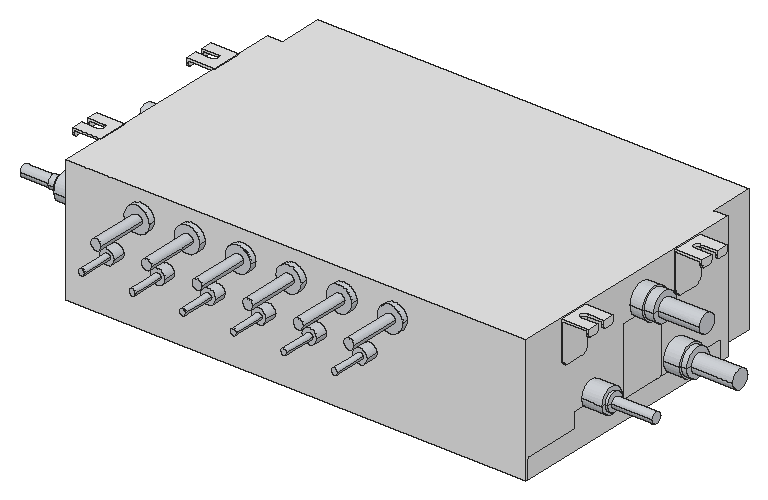
Revit family "EU_MCU_6PORT", category 기계 장비, Revit 2014
Parameters (values of type "6 PORT MODE CHANGE UNIT, 220-240V")
  Voltage [instance] = "220~240 V"
  URL = "www.samsung.com"
  Transmission Cable Min [instance] = 0.75 mm²
  Transmission Cable Max [instance] = 1.50 mm²
  Sound Pressure(Stable cooling Operation) [instance] = "36.00 dB(A)"
  Sound Pressure(Heating to Cooling Change over) [instance] = "50.00 dB(A)"
  Refrigerant Type [instance] = "R410A"
  Refrigerant Charge [instance] = 0.5 kg
  Product Name [instance] = "MODE CHANGE UNIT"
  Power Supply [instance] = 50 Hz
  Power Source Wire [instance] = 2.50 mm²
  Power Input Heating [instance] = 55 W
  Power Input Cooling [instance] = 55 W
  Phase [instance] = 1
  Outdoor Unit Refrigerant Suction Gas Connection Radius [instance] = if(1 = 1, Outdoor Unit Refrigerant Suction Gas Connection Diameter / 2, 0.00 mm)  # 14.29 mm
  Outdoor Unit Refrigerant Suction Gas Connection Offset Bottom [instance] = 50.651 mm
  Outdoor Unit Refrigerant Suction Gas Connection Offset Left [instance] = 294.769 mm
  Outdoor Unit Refrigerant Suction Gas Connection Diameter [instance] = 28.58 mm
  Outdoor Unit Refrigerant Liquid Connection Radius [instance] = if(1 = 1, Outdoor Unit Refrigerant Liquid Connection Diameter / 2, 0.00 mm)  # 7.94 mm
  Outdoor Unit Refrigerant Liquid Connection Offset Left [instance] = 128.684 mm
  Outdoor Unit Refrigerant Liquid Connection Offset Bottom [instance] = 68.524 mm
  Outdoor Unit Refrigerant Liquid Connection Diameter [instance] = 15.88 mm
  Outdoor Unit Refrigerant High Pressure Gas Connection Radius [instance] = if(1 = 1, Outdoor Unit Refrigerant High Pressure Gas Connection Diameter / 2, 0.00 mm)  # 14.29 mm
  Outdoor Unit Refrigerant High Pressure Gas Connection Offset Left [instance] = 228.769 mm
  Outdoor Unit Refrigerant High Pressure Gas Connection Offset Bottom [instance] = 158.712 mm
  Outdoor Unit Refrigerant High Pressure Gas Connection Diameter [instance] = 28.58 mm
  Operating Mode [instance] = "HEAT RECOVERY"
  Number of branches [instance] = "6 EA"
  Net Dimensions Width [instance] = 728.00 mm
  Net Dimensions Height [instance] = 199.00 mm
  Net Dimensions Depth [instance] = 469.00 mm
  built-in parameter 1010109 = ""
  Net  Weight [instance] = 28.5 kg
  Model [instance] = "MCU-S6NEK2N"
  Minimum Circuit Ampere(MCA) [instance] = 2 A
  Maximum number of connectable indoor units [instance] = "32 EA"
  Maximum number of connectable indoor unit per branch [instance] = "8 EA"
  Maximum capacity of connectable indoor units per branch(Y-Joint) [instance] = 32.00 kW
  Maximum capacity of connectable indoor units per branch [instance] = 16.00 kW
  Maximum capacity of connectable indoor units [instance] = 61.60 kW
  built-in parameter 1010108 = ""
  Maximum Over Protection(MFA) [instance] = 15 A
  Manufacturer [instance] = "SAMSUNG"
  Indoor Unit-6 Refrigerant Suction Gas Connection Radius [instance] = if(1 = 1, [Indoor Unit-6 Refrigerant Suction Gas Connection Diameter] / 2, 0.00 mm)  # 7.94 mm
  Indoor Unit-6 Refrigerant Suction Gas Connection Offset Left [instance] = 119.468 mm
  Indoor Unit-6 Refrigerant Suction Gas Connection Offset Bottom [instance] = [Indoor Unit-1 Refrigerant Suction Gas Connection Offset Bottom]  # 160.048 mm
  Indoor Unit-6 Refrigerant Suction Gas Connection Diameter [instance] = 15.88 mm
  Indoor Unit-6 Refrigerant Liquid Connection Radius [instance] = if(1 = 1, [Indoor Unit-6 Refrigerant Liquid Connection Diameter] / 2, 0.00 mm)  # 4.76 mm
  Indoor Unit-6 Refrigerant Liquid Connection Offset Left [instance] = 79.513 mm
  Indoor Unit-6 Refrigerant Liquid Connection Offset Bottom [instance] = [Indoor Unit-1 Refrigerant Liquid Connection Offset Bottom]  # 97.24 mm
  Indoor Unit-6 Refrigerant Liquid Connection Diameter [instance] = 9.52 mm
  Indoor Unit-5 Refrigerant Suction Gas Connection Radius [instance] = if(1 = 1, [Indoor Unit-5 Refrigerant Suction Gas Connection Diameter] / 2, 0.00 mm)  # 7.94 mm
  Indoor Unit-5 Refrigerant Suction Gas Connection Offset Left [instance] = 199.585 mm
  Indoor Unit-5 Refrigerant Suction Gas Connection Offset Bottom [instance] = [Indoor Unit-1 Refrigerant Suction Gas Connection Offset Bottom]  # 160.048 mm
  Indoor Unit-5 Refrigerant Suction Gas Connection Diameter [instance] = 15.88 mm
  Indoor Unit-5 Refrigerant Liquid Connection Radius [instance] = if(1 = 1, [Indoor Unit-5 Refrigerant Liquid Connection Diameter] / 2, 0.00 mm)  # 4.76 mm
  Indoor Unit-5 Refrigerant Liquid Connection Offset Left [instance] = 159.63 mm
  Indoor Unit-5 Refrigerant Liquid Connection Offset Bottom [instance] = [Indoor Unit-1 Refrigerant Liquid Connection Offset Bottom]  # 97.24 mm
  Indoor Unit-5 Refrigerant Liquid Connection Diameter [instance] = 9.52 mm
  Indoor Unit-4 Refrigerant Suction Gas Connection Radius [instance] = if(1 = 1, [Indoor Unit-4 Refrigerant Suction Gas Connection Diameter] / 2, 0.00 mm)  # 7.94 mm
  Indoor Unit-4 Refrigerant Suction Gas Connection Offset Left [instance] = 279.701 mm
  Indoor Unit-4 Refrigerant Suction Gas Connection Offset Bottom [instance] = [Indoor Unit-1 Refrigerant Suction Gas Connection Offset Bottom]  # 160.048 mm
  Indoor Unit-4 Refrigerant Suction Gas Connection Diameter [instance] = 15.88 mm
  Indoor Unit-4 Refrigerant Liquid Connection Radius [instance] = if(1 = 1, [Indoor Unit-4 Refrigerant Liquid Connection Diameter] / 2, 0.00 mm)  # 4.76 mm
  Indoor Unit-4 Refrigerant Liquid Connection Offset Left [instance] = 239.746 mm
  Indoor Unit-4 Refrigerant Liquid Connection Offset Bottom [instance] = [Indoor Unit-1 Refrigerant Liquid Connection Offset Bottom]  # 97.24 mm
  Indoor Unit-4 Refrigerant Liquid Connection Diameter [instance] = 9.52 mm
  Indoor Unit-3 Refrigerant Suction Gas Connection Radius [instance] = if(1 = 1, [Indoor Unit-3 Refrigerant Suction Gas Connection Diameter] / 2, 0.00 mm)  # 7.94 mm
  Indoor Unit-3 Refrigerant Suction Gas Connection Offset Left [instance] = 359.816 mm
  Indoor Unit-3 Refrigerant Suction Gas Connection Offset Bottom [instance] = [Indoor Unit-1 Refrigerant Suction Gas Connection Offset Bottom]  # 160.048 mm
  Indoor Unit-3 Refrigerant Suction Gas Connection Diameter [instance] = 15.88 mm
  Indoor Unit-3 Refrigerant Liquid Connection Radius [instance] = if(1 = 1, [Indoor Unit-3 Refrigerant Liquid Connection Diameter] / 2, 0.00 mm)  # 4.76 mm
  Indoor Unit-3 Refrigerant Liquid Connection Offset Left [instance] = 319.863 mm
  Indoor Unit-3 Refrigerant Liquid Connection Offset Bottom [instance] = [Indoor Unit-1 Refrigerant Liquid Connection Offset Bottom]  # 97.24 mm
  Indoor Unit-3 Refrigerant Liquid Connection Diameter [instance] = 9.52 mm
  Indoor Unit-2 Refrigerant Suction Gas Connection Radius [instance] = if(1 = 1, [Indoor Unit-2 Refrigerant Suction Gas Connection Diameter] / 2, 0.00 mm)  # 7.94 mm
  Indoor Unit-2 Refrigerant Suction Gas Connection Offset Left [instance] = 439.932 mm
  Indoor Unit-2 Refrigerant Suction Gas Connection Offset Bottom [instance] = [Indoor Unit-1 Refrigerant Suction Gas Connection Offset Bottom]  # 160.048 mm
  Indoor Unit-2 Refrigerant Suction Gas Connection Diameter [instance] = 15.88 mm
  Indoor Unit-2 Refrigerant Liquid Connection Radius [instance] = if(1 = 1, [Indoor Unit-2 Refrigerant Liquid Connection Diameter] / 2, 0.00 mm)  # 4.76 mm
  Indoor Unit-2 Refrigerant Liquid Connection Offset Left [instance] = 399.958 mm
  Indoor Unit-2 Refrigerant Liquid Connection Offset Bottom [instance] = [Indoor Unit-1 Refrigerant Liquid Connection Offset Bottom]  # 97.24 mm
  Indoor Unit-2 Refrigerant Liquid Connection Diameter [instance] = 9.52 mm
  Indoor Unit-1 Refrigerant Suction Gas Connection Radius [instance] = if(1 = 1, [Indoor Unit-1 Refrigerant Suction Gas Connection Diameter] / 2, 0.00 mm)  # 7.94 mm
  Indoor Unit-1 Refrigerant Suction Gas Connection Offset Left [instance] = 520.049 mm
  Indoor Unit-1 Refrigerant Suction Gas Connection Offset Bottom [instance] = 160.048 mm
  Indoor Unit-1 Refrigerant Suction Gas Connection Diameter [instance] = 15.88 mm
  Indoor Unit-1 Refrigerant Liquid Connection Radius [instance] = if(1 = 1, [Indoor Unit-1 Refrigerant Liquid Connection Diameter] / 2, 0.00 mm)  # 4.76 mm
  Indoor Unit-1 Refrigerant Liquid Connection Offset Left [instance] = 480.058 mm
  Indoor Unit-1 Refrigerant Liquid Connection Offset Bottom [instance] = 97.24 mm
  Indoor Unit-1 Refrigerant Liquid Connection Diameter [instance] = 9.52 mm
  Heating Operation Limit Min [instance] = -25 °C
  Heating Operation Limit Max [instance] = 24 °C
  Current Input Heating [instance] = 0.3 A
  Current Input Cooling [instance] = 0.3 A
  Cooling Operation Limit Min [instance] = -15 °C
  Cooling Operation Limit Max [instance] = 48 °C
  -15 ℃ Operation(2Port) [instance] = "Below 5~16 kW"
  -15 ℃ Operation(1Port) [instance] = "Below 5 kW"
Reference planes
  plane 1 "Center (Front/Back)": y = 0
  plane 2 "base": z = 0
  plane 3 "Center (Left/Right)": x = 0
  plane 4: x = -364
  plane 5: x = 364
  plane 6: y = 234.5
  plane 7: y = -234.5
  plane 8: z = 199
  plane 9 "PIPE0": z = 68.524
  plane 10: y = -105.816
  plane 11: y = -5.731
  plane 12 "HGAS0": z = 158.712
  plane 13: y = 60.269
  plane 14 "GAS0": z = 50.651
  plane 15 "GAS16": z = 160.048
  plane 16 "PIPE16": z = 97.24
  plane 17: x = -284.487
  plane 18: x = -244.532
  plane 19: x = -164.415
  plane 20: x = -84.299
  plane 21: x = -4.184
  plane 22: x = 75.932
  plane 23: x = 156.049
  plane 24: x = -204.37
  plane 25: x = -124.254
  plane 26: x = -44.137
  plane 27: x = 35.958
  plane 28: x = 116.058
Forms (mm)
  Extrusion 1, solid, material "Body"
    sketch origin (0, 0, 0) x (1, 0, 0) y (0, 1, 0)
      loop
        line (-340.917, 234.5) -> (-340.917, 165.251) -> (-364.048, 165.251) -> (-364.048, -234.5) -> (364, -234.5) -> (364, 165.251) -> (340.92, 165.251) -> (340.92, 234.5) -> (-340.917, 234.5)
    from 0 to 199
  Extrusion 2, solid, material "Body"
    sketch origin (0, 0, 0) x (0, 1, 0) y (0, 0, 1)
      loop
        line (-231.497, 0) -> (148.387, 0) -> (148.387, 28.036)
        arc (148.387, 28.036) -> (147.508, 30.16) -> (145.384, 31.04) r 3.003
        line (145.384, 31.04) -> (-71.993, 31.04) -> (-71.993, 56.071) -> (-138.678, 56.071) -> (-138.678, 31.04) -> (-228.493, 31.04)
        arc (-228.493, 31.04) -> (-230.617, 30.16) -> (-231.497, 28.036) r 3.003
        line (-231.497, 28.036) -> (-231.497, 0)
      loop
        line (-42.557, 138.391) -> (-42.557, 36.36)
        arc (-42.557, 36.36) -> (-41.09, 32.818) -> (-37.548, 31.351) r 5.009
        line (-37.548, 31.351) -> (26.128, 31.351)
        arc (26.128, 31.351) -> (29.67, 32.818) -> (31.137, 36.36) r 5.009
        line (31.137, 36.36) -> (31.137, 138.391) -> (-42.557, 138.391)
    from 364 to 365
  Revolve 3, solid
    sketch origin (0, 0, 50.651) x (0, -1, 0) y (1, 0, 0)
      loop
        line (-60.269, 400.596) -> (-60.269, 364) -> (-36.286, 364) -> (-36.286, 391.041) -> (-38.294, 391.041) -> (-38.294, 400.596) -> (-60.269, 400.596)
      axis (-60.269, 364) -> (-60.269, 400.596)
    angle from 0 to 360
  Revolve 4, solid
    sketch origin (0, 0, 158.712) x (0, -1, 0) y (1, 0, 0)
      loop
        line (5.731, 401.215) -> (5.731, 364) -> (29.845, 364) -> (29.845, 385.528) -> (27.859, 385.528) -> (27.859, 401.215) -> (5.731, 401.215)
      axis (5.731, 364) -> (5.731, 401.215)
    angle from 0 to 360
  Revolve 5, solid
    sketch origin (0, 0, 68.524) x (0, -1, 0) y (1, 0, 0)
      loop
        line (105.816, 364) -> (105.816, 402.273) -> (91.544, 402.273) -> (91.544, 397.255) -> (86.526, 397.255) -> (86.526, 364) -> (105.816, 364)
      axis (105.816, 364) -> (105.816, 402.273)
    angle from 0 to 360
  Extrusion 6, solid
    sketch origin (0, 0, 0) x (0, 1, 0) y (0, 0, 1)
      loop
        circle (-105.816, 68.524) r 7.94
    from 402.273 to 467.506
  Extrusion 7, solid
    sketch origin (0, 0, 0) x (0, 1, 0) y (0, 0, 1)
      loop
        circle (-5.731, 158.712) r 14.29
    from 401.215 to 467.506
  Extrusion 8, solid
    sketch origin (0, 0, 0) x (0, 1, 0) y (0, 0, 1)
      loop
        circle (60.269, 50.651) r 14.29
    from 400.596 to 467.506
  Extrusion 9, solid
    sketch origin (0, 0, 0) x (1, 0, 0) y (0, 0, 1)
      loop
        circle (-244.532, 160.048) r 20
    from 234.5 to 243.607
  Extrusion 10, solid
    sketch origin (80.117, 0, 0) x (1, 0, 0) y (0, 0, 1)
      loop
        circle (-244.532, 160.048) r 20
    from 234.5 to 243.607
  Extrusion 11, solid
    sketch origin (160.233, 0, 0) x (1, 0, 0) y (0, 0, 1)
      loop
        circle (-244.532, 160.048) r 20
    from 234.5 to 243.607
  Extrusion 12, solid
    sketch origin (240.348, 0, 0) x (1, 0, 0) y (0, 0, 1)
      loop
        circle (-244.532, 160.048) r 20
    from 234.5 to 243.607
  Extrusion 13, solid
    sketch origin (320.464, 0, 0) x (1, 0, 0) y (0, 0, 1)
      loop
        circle (-244.532, 160.048) r 20
    from 234.5 to 243.607
  Extrusion 14, solid
    sketch origin (400.581, 0, 0) x (1, 0, 0) y (0, 0, 1)
      loop
        circle (-244.532, 160.048) r 20
    from 234.5 to 243.607
  Extrusion 15, solid
    sketch origin (0, 0, 0) x (1, 0, 0) y (0, 0, 1)
      loop
        circle (-284.487, 97.24) r 11.578
    from 234.5 to 252.666
  Extrusion 16, solid
    sketch origin (80.117, 0, 0) x (1, 0, 0) y (0, 0, 1)
      loop
        circle (-284.487, 97.24) r 11.578
    from 234.5 to 252.666
  Extrusion 17, solid
    sketch origin (160.233, 0, 0) x (1, 0, 0) y (0, 0, 1)
      loop
        circle (-284.487, 97.24) r 11.578
    from 234.5 to 252.666
  Extrusion 18, solid
    sketch origin (240.35, 0, 0) x (1, 0, 0) y (0, 0, 1)
      loop
        circle (-284.487, 97.24) r 11.578
    from 234.5 to 252.666
  Extrusion 19, solid
    sketch origin (320.445, 0, 0) x (1, 0, 0) y (0, 0, 1)
      loop
        circle (-284.487, 97.24) r 11.578
    from 234.5 to 252.666
  Extrusion 20, solid
    sketch origin (400.545, 0, 0) x (1, 0, 0) y (0, 0, 1)
      loop
        circle (-284.487, 97.24) r 11.578
    from 234.5 to 252.666
  Extrusion 21, solid
    sketch origin (0, 0, 0) x (1, 0, 0) y (0, 0, 1)
      loop
        circle (-284.487, 97.24) r 4.76
      loop
        circle (-204.37, 97.24) r 4.76
      loop
        circle (-124.254, 97.24) r 4.76
      loop
        circle (-44.137, 97.24) r 4.76
      loop
        circle (35.958, 97.24) r 4.76
      loop
        circle (116.058, 97.24) r 4.76
    from 252.666 to 302.867
  Extrusion 22, solid
    sketch origin (0, 0, 0) x (1, 0, 0) y (0, 0, 1)
      loop
        circle (-244.532, 160.048) r 7.94
      loop
        circle (-164.415, 160.048) r 7.94
      loop
        circle (-84.299, 160.048) r 7.94
      loop
        circle (-4.184, 160.048) r 7.94
      loop
        circle (75.932, 160.048) r 7.94
      loop
        circle (156.049, 160.048) r 7.94
    from 243.607 to 324.292
  Revolve 23, solid
    sketch origin (0, 0, 97.24) x (-1, 0, 0) y (0, -1, 0)
      loop
        line (400.263, -44.793) -> (400.263, -37.324) -> (391.648, -37.324) -> (391.648, -36.241) -> (364, -36.241) -> (364, -60.269) -> (471.974, -60.269) -> (471.974, -44.793) -> (400.263, -44.793)
      axis (471.974, -60.269) -> (364, -60.269)
    angle from 0 to 360
  Revolve 24, solid
    sketch origin (0, 0, 50.651) x (0, -1, 0) y (1, 0, 0)
      loop
        line (5.731, -471.952) -> (21.578, -471.952) -> (21.578, -400.263) -> (29.867, -400.263) -> (29.867, -364) -> (5.731, -364) -> (5.731, -471.952)
      axis (5.731, -471.952) -> (5.731, -364)
    angle from 0 to 360
  Revolve 25, solid
    sketch origin (0, 0, 68.524) x (0, -1, 0) y (1, 0, 0)
      loop
        line (105.816, -532.396) -> (114.586, -532.396) -> (114.586, -487.233) -> (115.701, -487.233) -> (115.701, -474.186) -> (121.672, -474.186) -> (121.672, -469.171) -> (126.69, -469.171) -> (126.69, -364.048) -> (105.816, -364.048) -> (105.816, -532.396)
      axis (105.816, -532.396) -> (105.816, -364.048)
    angle from 0 to 360
Lines and regions (mm)
  model lines, not visible
    curve 1: arc (195.594, -165, 1319.842) -> (200.975, -165, 1322.29) -> (206.401, -165, 1324.635) r 309.246
    curve 2: arc (187.783, -165, 1316.133) -> (191.645, -165, 1318.08) -> (195.594, -165, 1319.842) r 91.892
    curve 3: arc (183.29, -165, 1313.637) -> (185.513, -165, 1314.928) -> (187.783, -165, 1316.133) r 67.043
    curve 4: arc (180.377, -165, 1311.624) -> (181.826, -165, 1312.641) -> (183.29, -165, 1313.637) r 121.609
    curve 5: arc (177.43, -165, 1309.404) -> (178.883, -165, 1310.542) -> (180.377, -165, 1311.624) r 48.689
    curve 6: arc (174.608, -165, 1307.049) -> (175.983, -165, 1308.27) -> (177.43, -165, 1309.404) r 29.649
    curve 7: arc (172.38, -165, 1304.752) -> (173.454, -165, 1305.939) -> (174.608, -165, 1307.049) r 22.979
    curve 8: arc (170.712, -165, 1302.508) -> (171.5, -165, 1303.664) -> (172.38, -165, 1304.752) r 17.124
    curve 9: arc (169.537, -165, 1300.289) -> (170.066, -165, 1301.43) -> (170.712, -165, 1302.508) r 11.876
    curve 10: arc (168.855, -165, 1298.11) -> (169.127, -165, 1299.221) -> (169.537, -165, 1300.289) r 9.086
    curve 11: arc (168.724, -165, 1295.997) -> (168.722, -165, 1297.058) -> (168.855, -165, 1298.11) r 8.267
    curve 12: arc (169.118, -165, 1293.959) -> (168.862, -165, 1294.967) -> (168.724, -165, 1295.997) r 8.908
    curve 13: arc (170.049, -165, 1292.008) -> (169.536, -165, 1292.961) -> (169.118, -165, 1293.959) r 11.032
    curve 14: arc (171.482, -165, 1290.151) -> (170.729, -165, 1291.052) -> (170.049, -165, 1292.008) r 15.106
    curve 15: arc (173.425, -165, 1288.401) -> (172.427, -165, 1289.247) -> (171.482, -165, 1290.151) r 21.501
    curve 16: arc (175.833, -165, 1286.762) -> (174.609, -165, 1287.553) -> (173.425, -165, 1288.401) r 30.601
    curve 17: arc (178.7, -165, 1285.244) -> (177.252, -165, 1285.976) -> (175.833, -165, 1286.762) r 42.727
    curve 18: arc (181.975, -165, 1283.846) -> (180.327, -165, 1284.52) -> (178.7, -165, 1285.244) r 57.776
    curve 19: arc (185.642, -165, 1282.578) -> (183.801, -165, 1283.189) -> (181.975, -165, 1283.846) r 76.022
    curve 20: arc (189.65, -165, 1281.435) -> (187.64, -165, 1281.985) -> (185.642, -165, 1282.578) r 97.926
    curve 21: arc (193.978, -165, 1280.422) -> (191.81, -165, 1280.909) -> (189.65, -165, 1281.435) r 124.368
    curve 22: arc (198.563, -165, 1279.532) -> (196.267, -165, 1279.959) -> (193.978, -165, 1280.422) r 146.449
    curve 23: arc (203.387, -165, 1278.768) -> (200.972, -165, 1279.133) -> (198.563, -165, 1279.532) r 171.678
    curve 24: arc (208.517, -165, 1278.111) -> (205.95, -165, 1278.423) -> (203.387, -165, 1278.768) r 205.135
    curve 25: arc (214.051, -165, 1277.556) -> (211.282, -165, 1277.817) -> (208.517, -165, 1278.111) r 233.448
    curve 26: arc (219.975, -165, 1277.105) -> (217.012, -165, 1277.314) -> (214.051, -165, 1277.556) r 268.023
    curve 27: arc (226.291, -165, 1276.774) -> (223.132, -165, 1276.923) -> (219.975, -165, 1277.105) r 304.233
    curve 28: arc (232.968, -165, 1276.566) -> (229.629, -165, 1276.654) -> (226.291, -165, 1276.774) r 343.121
    curve 29: arc (240, -165, 1276.492) -> (236.484, -165, 1276.513) -> (232.968, -165, 1276.566) r 378.704
    curve 30: arc (247.347, -165, 1276.551) -> (243.674, -165, 1276.505) -> (240, -165, 1276.492) r 416.052
    curve 31: arc (254.991, -165, 1276.756) -> (251.17, -165, 1276.637) -> (247.347, -165, 1276.551) r 449.8
    curve 32: arc (262.884, -165, 1277.101) -> (258.939, -165, 1276.912) -> (254.991, -165, 1276.756) r 482.662
    curve 33: arc (270.997, -165, 1277.596) -> (266.942, -165, 1277.332) -> (262.884, -165, 1277.101) r 510.257
    curve 34: arc (279.276, -165, 1278.232) -> (275.138, -165, 1277.898) -> (270.997, -165, 1277.596) r 534.514
    curve 35: arc (287.683, -165, 1279.015) -> (283.481, -165, 1278.608) -> (279.276, -165, 1278.232) r 553.014
    curve 36: arc (296.163, -165, 1279.935) -> (291.925, -165, 1279.459) -> (287.683, -165, 1279.015) r 565.829
    curve 37: arc (304.67, -165, 1280.992) -> (300.418, -165, 1280.448) -> (296.163, -165, 1279.935) r 573.124
    curve 38: arc (313.153, -165, 1282.173) -> (308.914, -165, 1281.567) -> (304.67, -165, 1280.992) r 572.829
    curve 39: arc (321.562, -165, 1283.476) -> (317.36, -165, 1282.809) -> (313.153, -165, 1282.173) r 567.911
    curve 40: arc (329.854, -165, 1284.886) -> (325.711, -165, 1284.166) -> (321.562, -165, 1283.476) r 555.278
    curve 41: arc (337.977, -165, 1286.397) -> (333.918, -165, 1285.626) -> (329.854, -165, 1284.886) r 540.479
    curve 42: arc (345.899, -165, 1287.994) -> (341.942, -165, 1287.18) -> (337.977, -165, 1286.397) r 515.558
    curve 43: arc (353.573, -165, 1289.667) -> (349.74, -165, 1288.815) -> (345.899, -165, 1287.994) r 488.161
    curve 44: arc (360.978, -165, 1291.404) -> (357.279, -165, 1290.52) -> (353.573, -165, 1289.667) r 460.471
    curve 45: arc (368.073, -165, 1293.194) -> (364.529, -165, 1292.284) -> (360.978, -165, 1291.404) r 440.452
    curve 46: arc (374.846, -165, 1295.02) -> (371.464, -165, 1294.092) -> (368.073, -165, 1293.194) r 391.802
    curve 47: arc (381.262, -165, 1296.872) -> (378.059, -165, 1295.93) -> (374.846, -165, 1295.02) r 331.309
    curve 48: line (387.339, -165, 1298.749) -> (381.262, -165, 1296.872)
    curve 49: arc (406.992, -165, 1306.046) -> (400.756, -165, 1303.532) -> (394.479, -165, 1301.124) r 397.928
    curve 50: arc (416.144, -165, 1309.892) -> (411.607, -165, 1307.876) -> (406.992, -165, 1306.046) r 121.956
    curve 51: arc (421.525, -165, 1312.518) -> (418.856, -165, 1311.161) -> (416.144, -165, 1309.892) r 91.735
    curve 52: arc (425.128, -165, 1314.665) -> (423.334, -165, 1313.58) -> (421.525, -165, 1312.518) r 164.173
    curve 53: arc (428.811, -165, 1317.042) -> (426.989, -165, 1315.824) -> (425.128, -165, 1314.665) r 67.791
    curve 54: arc (432.383, -165, 1319.569) -> (430.63, -165, 1318.259) -> (428.811, -165, 1317.042) r 41.777
    curve 55: arc (435.298, -165, 1322.049) -> (433.877, -165, 1320.766) -> (432.383, -165, 1319.569) r 32.257
    curve 56: arc (441.061, -165, 1331.584) -> (440.862, -165, 1330.411) -> (440.506, -165, 1329.275) r 8.779
    curve 57: arc (440.506, -165, 1329.275) -> (439.989, -165, 1328.05) -> (439.325, -165, 1326.898) r 10.886
    curve 58: arc (439.325, -165, 1326.898) -> (438.514, -165, 1325.648) -> (437.587, -165, 1324.483) r 15.562
    curve 59: arc (437.587, -165, 1324.483) -> (436.486, -165, 1323.225) -> (435.298, -165, 1322.049) r 23.512
    curve 60: arc (441.015, -165, 1333.815) -> (441.113, -165, 1332.701) -> (441.061, -165, 1331.584) r 8.408
    curve 61: arc (440.355, -165, 1335.951) -> (440.747, -165, 1334.902) -> (441.015, -165, 1333.815) r 9.661
    curve 62: arc (439.117, -165, 1337.984) -> (439.783, -165, 1336.996) -> (440.355, -165, 1335.951) r 12.903
    curve 63: arc (437.295, -165, 1339.897) -> (438.24, -165, 1338.973) -> (439.117, -165, 1337.984) r 18.535
    curve 64: arc (434.939, -165, 1341.686) -> (436.142, -165, 1340.823) -> (437.295, -165, 1339.897) r 27.033
    curve 65: arc (432.06, -165, 1343.338) -> (433.517, -165, 1342.543) -> (434.939, -165, 1341.686) r 38.822
    curve 66: arc (428.716, -165, 1344.854) -> (430.401, -165, 1344.124) -> (432.06, -165, 1343.338) r 53.845
    curve 67: arc (424.931, -165, 1346.224) -> (426.833, -165, 1345.565) -> (428.716, -165, 1344.854) r 72.44
    curve 68: arc (420.762, -165, 1347.453) -> (422.853, -165, 1346.862) -> (424.931, -165, 1346.224) r 95.068
    curve 69: arc (416.239, -165, 1348.536) -> (418.506, -165, 1348.016) -> (420.762, -165, 1347.453) r 122.777
    curve 70: arc (411.434, -165, 1349.48) -> (413.841, -165, 1349.028) -> (416.239, -165, 1348.536) r 145.634
    curve 71: arc (406.372, -165, 1350.284) -> (408.906, -165, 1349.901) -> (411.434, -165, 1349.48) r 171.922
    curve 72: arc (400.971, -165, 1350.969) -> (403.674, -165, 1350.644) -> (406.372, -165, 1350.284) r 207.343
    curve 73: arc (395.117, -165, 1351.543) -> (398.046, -165, 1351.275) -> (400.971, -165, 1350.969) r 236.909
    curve 74: arc (388.823, -165, 1352.001) -> (391.971, -165, 1351.79) -> (395.117, -165, 1351.543) r 273.522
    curve 75: arc (382.085, -165, 1352.325) -> (385.455, -165, 1352.181) -> (388.823, -165, 1352.001) r 311.841
    curve 76: arc (374.941, -165, 1352.511) -> (378.513, -165, 1352.436) -> (382.085, -165, 1352.325) r 353.101
    curve 77: arc (367.395, -165, 1352.546) -> (371.168, -165, 1352.547) -> (374.941, -165, 1352.511) r 390.355
    curve 78: arc (359.495, -165, 1352.429) -> (363.444, -165, 1352.505) -> (367.395, -165, 1352.546) r 429.401
    curve 79: arc (342.759, -165, 1351.705) -> (347.011, -165, 1351.944) -> (351.264, -165, 1352.147) r 497.155
    curve 80: arc (334.019, -165, 1351.093) -> (338.388, -165, 1351.417) -> (342.759, -165, 1351.705) r 523.922
    curve 81: arc (325.105, -165, 1350.32) -> (329.56, -165, 1350.725) -> (334.019, -165, 1351.093) r 546.438
    curve 82: arc (316.068, -165, 1349.381) -> (320.585, -165, 1349.869) -> (325.105, -165, 1350.32) r 562.058
    curve 83: arc (306.973, -165, 1348.289) -> (311.519, -165, 1348.853) -> (316.068, -165, 1349.381) r 570.808
    curve 84: arc (297.879, -165, 1347.045) -> (302.424, -165, 1347.685) -> (306.973, -165, 1348.289) r 573.187
    curve 85: arc (288.846, -165, 1345.663) -> (293.36, -165, 1346.372) -> (297.879, -165, 1347.045) r 566.808
    curve 86: arc (279.935, -165, 1344.149) -> (284.387, -165, 1344.924) -> (288.846, -165, 1345.663) r 555.457
    curve 87: arc (271.197, -165, 1342.521) -> (275.562, -165, 1343.353) -> (279.935, -165, 1344.149) r 535.611
    curve 88: arc (262.692, -165, 1340.788) -> (266.941, -165, 1341.673) -> (271.197, -165, 1342.521) r 513.885
    curve 89: arc (254.458, -165, 1338.968) -> (258.571, -165, 1339.896) -> (262.692, -165, 1340.788) r 481.756
    curve 90: arc (246.548, -165, 1337.073) -> (250.498, -165, 1338.038) -> (254.458, -165, 1338.968) r 447.901
    curve 91: arc (231.805, -165, 1333.12) -> (235.389, -165, 1334.137) -> (238.982, -165, 1335.119) r 389.27
    curve 92: arc (238.982, -165, 1335.119) -> (242.76, -165, 1336.114) -> (246.548, -165, 1337.073) r 414.22
    curve 93: arc (351.264, -165, 1352.147) -> (355.379, -165, 1352.306) -> (359.495, -165, 1352.429) r 463.961
    curve 94: line (212.744, -165, 1327.003) -> (218.679, -165, 1329.055)
    curve 95: arc (218.679, -165, 1329.055) -> (221.846, -165, 1330.094) -> (225.026, -165, 1331.094) r 275.24
    curve 96: arc (225.026, -165, 1331.094) -> (228.41, -165, 1332.125) -> (231.805, -165, 1333.12) r 337.122
    curve 97: line (240.576, -165, 1320.247) -> (243.349, -165, 1298.748)
    curve 98: line (243.349, -165, 1298.748) -> (251.269, -165, 1298.748)
    curve 99: line (251.269, -165, 1298.748) -> (246.46, -165, 1327.035)
    curve 100: line (246.46, -165, 1327.035) -> (234.014, -165, 1327.035)
    curve 101: line (234.014, -165, 1327.035) -> (229.205, -165, 1298.748)
    curve 102: line (229.205, -165, 1298.748) -> (237.125, -165, 1298.748)
    curve 103: line (237.125, -165, 1298.748) -> (239.898, -165, 1320.247)
    curve 104: line (271.428, -165, 1311.76) -> (268.883, -165, 1327.035)
    curve 105: line (268.883, -165, 1327.035) -> (256.436, -165, 1327.035)
    curve 106: line (256.436, -165, 1327.035) -> (256.436, -165, 1298.748)
    curve 107: line (256.436, -165, 1298.748) -> (263.791, -165, 1298.748)
    curve 108: line (263.791, -165, 1298.748) -> (263.791, -165, 1319.907)
    curve 109: line (274.54, -165, 1327.035) -> (271.994, -165, 1311.76)
    curve 110: line (275.672, -165, 1298.748) -> (279.066, -165, 1319.907)
    curve 111: line (279.632, -165, 1319.907) -> (279.632, -165, 1298.748)
    curve 112: line (286.986, -165, 1298.748) -> (286.986, -165, 1327.035)
    curve 113: line (279.632, -165, 1298.748) -> (286.986, -165, 1298.748)
    curve 114: line (264.357, -165, 1319.907) -> (267.751, -165, 1298.748)
    curve 115: line (267.751, -165, 1298.748) -> (275.672, -165, 1298.748)
    curve 116: line (286.986, -165, 1327.035) -> (274.54, -165, 1327.035)
    curve 117: line (340.32, -165, 1306.669) -> (340.32, -165, 1327.035)
    curve 118: line (340.32, -165, 1327.035) -> (332.399, -165, 1327.035)
    curve 119: line (332.399, -165, 1327.035) -> (332.399, -165, 1306.669)
    curve 120: arc (332.399, -165, 1306.669) -> (330.136, -165, 1304.406) -> (327.873, -165, 1306.669) r 2.263
    curve 121: line (327.873, -165, 1306.669) -> (327.873, -165, 1327.035)
    curve 122: line (327.873, -165, 1327.035) -> (319.953, -165, 1327.035)
    curve 123: line (319.953, -165, 1327.035) -> (319.953, -165, 1306.669)
    curve 124: line (363.833, -165, 1309.497) -> (356.817, -165, 1327.035)
    curve 125: line (356.817, -165, 1327.035) -> (347.426, -165, 1327.035)
    curve 126: line (347.426, -165, 1327.035) -> (347.426, -165, 1298.748)
    curve 127: line (347.426, -165, 1298.748) -> (354.441, -165, 1298.748)
    curve 128: line (354.441, -165, 1298.748) -> (354.441, -165, 1316.286)
    curve 129: line (364.172, -165, 1327.035) -> (364.172, -165, 1309.497)
    curve 130: line (371.187, -165, 1327.035) -> (364.172, -165, 1327.035)
    curve 131: line (371.187, -165, 1298.748) -> (371.187, -165, 1327.035)
    curve 132: line (361.796, -165, 1298.748) -> (371.187, -165, 1298.748)
    curve 133: line (354.781, -165, 1316.286) -> (361.796, -165, 1298.748)
    curve 134: line (377.89, -165, 1319.398) -> (377.89, -165, 1306.386)
    curve 135: line (385.527, -165, 1306.386) -> (385.527, -165, 1319.398)
    curve 136: arc (389.487, -165, 1319.398) -> (387.507, -165, 1321.378) -> (385.527, -165, 1319.398) r 1.98
    curve 137: arc (385.527, -165, 1306.386) -> (387.507, -165, 1304.406) -> (389.487, -165, 1306.386) r 1.98
    curve 138: line (387.507, -165, 1313.458) -> (387.507, -165, 1309.497)
    curve 139: line (387.507, -165, 1309.497) -> (389.487, -165, 1309.497)
    curve 140: line (389.487, -165, 1309.497) -> (389.487, -165, 1306.386)
    curve 141: line (397.125, -165, 1313.458) -> (387.507, -165, 1313.458)
    curve 142: line (397.125, -165, 1305.954) -> (397.125, -165, 1313.458)
    curve 143: line (397.125, -165, 1317.418) -> (397.125, -165, 1319.398)
    curve 144: line (389.487, -165, 1319.398) -> (389.487, -165, 1317.418)
    curve 145: line (389.487, -165, 1317.418) -> (397.125, -165, 1317.418)
    curve 146: arc (377.89, -165, 1319.398) -> (387.507, -165, 1327.035) -> (397.125, -165, 1319.398) r 9.874
    curve 147: arc (377.89, -165, 1306.386) -> (381.112, -165, 1300.708) -> (387.339, -165, 1298.749) r 8.913
    curve 148: arc (394.479, -165, 1301.124) -> (396.296, -165, 1303.268) -> (397.125, -165, 1305.954) r 7.016
    curve 149: line (312.844, -165, 1320.247) -> (312.844, -165, 1316.852)
    curve 150: line (312.844, -165, 1316.852) -> (305.49, -165, 1316.852)
    curve 151: line (305.49, -165, 1316.852) -> (305.49, -165, 1319.115)
    curve 152: arc (305.49, -165, 1319.115) -> (302.07, -165, 1321.06) -> (302.145, -165, 1317.127) r 2.263
    curve 153: line (302.145, -165, 1317.127) -> (310.231, -165, 1312.728)
    curve 154: arc (319.953, -165, 1306.669) -> (330.136, -165, 1298.748) -> (340.32, -165, 1306.669) r 10.507
    curve 155: line (296.934, -165, 1312.849) -> (304.358, -165, 1308.628)
    curve 156: arc (300.964, -165, 1306.669) -> (304.358, -165, 1304.709) -> (304.358, -165, 1308.628) r 2.263
    curve 157: line (313.41, -165, 1305.537) -> (313.41, -165, 1307.8)
    curve 158: line (293.043, -165, 1308.932) -> (293.043, -165, 1305.537)
    curve 159: line (300.964, -165, 1308.932) -> (293.043, -165, 1308.932)
    curve 160: line (300.964, -165, 1306.669) -> (300.964, -165, 1308.932)
    curve 161: line (293.609, -165, 1320.247) -> (293.609, -165, 1317.984)
    curve 162: arc (293.609, -165, 1320.247) -> (303.227, -165, 1327.036) -> (312.844, -165, 1320.247) r 10.207
    curve 163: arc (293.043, -165, 1305.537) -> (303.227, -165, 1298.748) -> (313.41, -165, 1305.537) r 11.032
    curve 164: arc (310.231, -165, 1312.728) -> (312.449, -165, 1310.67) -> (313.41, -165, 1307.8) r 6.121
    curve 165: arc (296.934, -165, 1312.849) -> (294.064, -165, 1316.005) -> (293.609, -165, 1320.247) r 6.87
    curve 166: line (211.427, -165, 1308.932) -> (203.507, -165, 1308.932)
    curve 167: arc (211.427, -165, 1306.67) -> (214.859, -165, 1304.732) -> (214.745, -165, 1308.672) r 2.263
    curve 168: line (211.427, -165, 1306.67) -> (211.427, -165, 1308.932)
    curve 169: line (203.507, -165, 1308.932) -> (203.507, -165, 1305.537)
    curve 170: line (223.874, -165, 1305.537) -> (223.874, -165, 1307.8)
    curve 171: line (220.694, -165, 1312.728) -> (212.609, -165, 1317.127)
    curve 172: arc (215.953, -165, 1319.116) -> (212.534, -165, 1321.062) -> (212.609, -165, 1317.128) r 2.263
    curve 173: line (215.953, -165, 1319.116) -> (215.953, -165, 1316.852)
    curve 174: line (215.953, -165, 1316.852) -> (223.308, -165, 1316.852)
    curve 175: line (223.308, -165, 1316.852) -> (223.308, -165, 1320.247)
    curve 176: line (204.042, -165, 1320.244) -> (204.042, -165, 1317.984)
    curve 177: arc (223.308, -165, 1320.247) -> (219.662, -165, 1326.182) -> (212.744, -165, 1327.003) r 7.992
    curve 178: arc (204.042, -165, 1320.244) -> (204.669, -165, 1322.736) -> (206.401, -165, 1324.635) r 5.266
    curve 179: arc (203.507, -165, 1305.537) -> (213.69, -165, 1298.732) -> (223.874, -165, 1305.537) r 11.022
    curve 180: arc (223.874, -165, 1307.8) -> (222.913, -165, 1310.67) -> (220.694, -165, 1312.728) r 6.121
    curve 181: line (207.398, -165, 1312.849) -> (214.745, -165, 1308.672)
    curve 182: arc (207.398, -165, 1312.849) -> (205.098, -165, 1315.01) -> (204.042, -165, 1317.984) r 6.706
Dimensions and locks
  equal spacing: plane 6, plane 1 "Center (Front/Back)", plane 7
  "Net Dimensions Depth": plane 6 to plane 7
  equal spacing: plane 4, plane 3 "Center (Left/Right)", plane 5
  "Net Dimensions Width": plane 4 to plane 5
  "Net Dimensions Height": plane 8 to plane 2 "base"
  locked: plane 4 to Extrusion 1 sketch curve at 23.083
  locked: Extrusion 1 sketch curve to plane 5 at 23.08
  locked: plane 5 to Extrusion 2 at 1
  locked: Extrusion 6 to Extrusion 6 at 65.233
  locked: plane 7 to Extrusion 9 at 9.107
  locked: plane 7 to Extrusion 15 at 18.166
  locked: Extrusion 21 to Extrusion 21 at 50.2
  locked: Extrusion 22 to Extrusion 22 at 80.685
  "Outdoor Unit Refrigerant Liquid Connection Offset Left": plane 7 to plane 10
  "Outdoor Unit Refrigerant High Pressure Gas Connection Offset Left": plane 7 to plane 11
  "Outdoor Unit Refrigerant Suction Gas Connection Offset Left": plane 7 to plane 13
  "Outdoor Unit Refrigerant Suction Gas Connection Offset Bottom": plane 14 "GAS0" to level
  "Outdoor Unit Refrigerant Liquid Connection Offset Bottom": plane 9 "PIPE0" to level
  "Outdoor Unit Refrigerant High Pressure Gas Connection Offset Bottom": plane 12 "HGAS0" to level
  locked: plane 5 to Revolve 5 at 38.273
  locked: plane 5 to Revolve 4 at 37.215
  locked: plane 5 to Revolve 3 at 36.596
  "Indoor Unit-6 Refrigerant Liquid Connection Offset Left": plane 17 to plane 4
  "Indoor Unit-5 Refrigerant Liquid Connection Offset Left": plane 24 to plane 4
  "Indoor Unit-4 Refrigerant Liquid Connection Offset Left": plane 25 to plane 4
  "Indoor Unit-3 Refrigerant Liquid Connection Offset Left": plane 26 to plane 4
  "Indoor Unit-2 Refrigerant Liquid Connection Offset Left": plane 27 to plane 4
  "Indoor Unit-1 Refrigerant Liquid Connection Offset Left": plane 28 to plane 4
  "Indoor Unit-6 Refrigerant Suction Gas Connection Offset Left": plane 18 to plane 4
  "Indoor Unit-5 Refrigerant Suction Gas Connection Offset Left": plane 19 to plane 4
  "Indoor Unit-4 Refrigerant Suction Gas Connection Offset Left": plane 20 to plane 4
  "Indoor Unit-3 Refrigerant Suction Gas Connection Offset Left": plane 21 to plane 4
  "Indoor Unit-2 Refrigerant Suction Gas Connection Offset Left": plane 22 to plane 4
  "Indoor Unit-1 Refrigerant Suction Gas Connection Offset Left": plane 23 to plane 4
  "Indoor Unit-1 Refrigerant Liquid Connection Offset Bottom": plane 16 "PIPE16" to level
  "Indoor Unit-1 Refrigerant Suction Gas Connection Offset Bottom": plane 15 "GAS16" to level
  "Outdoor Unit Refrigerant Liquid Connection Diameter": diameter of Extrusion 6 sketch curve
  "Outdoor Unit Refrigerant High Pressure Gas Connection Diameter": diameter of Extrusion 7 sketch curve
  "Outdoor Unit Refrigerant Suction Gas Connection Diameter": diameter of Extrusion 8 sketch curve
  "Indoor Unit-6 Refrigerant Liquid Connection Diameter": diameter of Extrusion 21 sketch curve
  "Indoor Unit-5 Refrigerant Liquid Connection Diameter": diameter of Extrusion 21 sketch curve
  "Indoor Unit-4 Refrigerant Liquid Connection Diameter": diameter of Extrusion 21 sketch curve
  "Indoor Unit-3 Refrigerant Liquid Connection Diameter": diameter of Extrusion 21 sketch curve
  "Indoor Unit-2 Refrigerant Liquid Connection Diameter": diameter of Extrusion 21 sketch curve
  "Indoor Unit-1 Refrigerant Liquid Connection Diameter": diameter of Extrusion 21 sketch curve
  "Indoor Unit-6 Refrigerant Suction Gas Connection Diameter": diameter of Extrusion 22 sketch curve
  "Indoor Unit-5 Refrigerant Suction Gas Connection Diameter": diameter of Extrusion 22 sketch curve
  "Indoor Unit-4 Refrigerant Suction Gas Connection Diameter": diameter of Extrusion 22 sketch curve
  "Indoor Unit-3 Refrigerant Suction Gas Connection Diameter": diameter of Extrusion 22 sketch curve
  "Indoor Unit-2 Refrigerant Suction Gas Connection Diameter": diameter of Extrusion 22 sketch curve
  "Indoor Unit-1 Refrigerant Suction Gas Connection Diameter": diameter of Extrusion 22 sketch curve
  aligned and locked: level to plane 2 "base"
  aligned and locked: Extrusion 1 sketch curve to plane 7
  aligned and locked: plane 8 to Extrusion 1
  aligned and locked: Extrusion 2 to plane 5
  aligned and locked: Extrusion 1 to Revolve 3 sketch curve
  aligned and locked: Revolve 5 to plane 5
  aligned and locked: plane 5 to Revolve 4
  aligned and locked: Extrusion 7 to Revolve 4
  aligned and locked: Extrusion 6 to Extrusion 7
  aligned and locked: Extrusion 8 to Revolve 3
  aligned and locked: Extrusion 6 to Extrusion 8
  aligned and locked: plane 8 to nested 2
  aligned and locked: plane 5 to nested 1
  aligned and locked: plane 5 to nested 2
  aligned and locked: plane 4 to nested 4
  aligned and locked: plane 4 to nested 3
  aligned and locked: plane 7 to Extrusion 9
  aligned and locked: Extrusion 9 to Extrusion 10
  aligned and locked: Extrusion 9 to Extrusion 11
  aligned and locked: Extrusion 9 to Extrusion 12
  aligned and locked: Extrusion 12 to Extrusion 13
  aligned and locked: Extrusion 13 to Extrusion 14
  aligned and locked: plane 7 to Extrusion 15
  aligned and locked: Extrusion 15 to Extrusion 16
  aligned and locked: Extrusion 16 to Extrusion 17
  aligned and locked: Extrusion 17 to Extrusion 18
  aligned and locked: Extrusion 18 to Extrusion 19
  aligned and locked: Extrusion 19 to Extrusion 20
  aligned and locked: Extrusion 21 to Extrusion 15
  aligned and locked: Extrusion 22 to Extrusion 9
  aligned and locked: Revolve 23 sketch curve to plane 4
  aligned and locked: plane 4 to Revolve 24
  aligned and locked: plane 4 to Revolve 23
  aligned and locked: Revolve 5 to Extrusion 6
Automatic sketch dimensions
  Extrusion 1 sketch curve to plane 6 = 69.249 mm  (x2)
  Extrusion 2 sketch curve to level = 0.00 mm
  plane 7 to Extrusion 2 sketch curve = 3.003 mm
  Extrusion 2 sketch curve to Extrusion 2 sketch curve = 3.003 mm  (x2)
  Extrusion 2 sketch curve to plane 10 = 32.863 mm
  plane 14 "GAS0" to Extrusion 2 sketch curve = 5.42 mm
  plane 10 to Extrusion 2 sketch curve = 33.822 mm
  Extrusion 2 sketch curve to plane 11 = 36.826 mm
  Extrusion 2 sketch curve to Extrusion 2 sketch curve = 5.009 mm
  Extrusion 2 sketch curve to plane 1 "Center (Front/Back)" = 26.128 mm
  Extrusion 2 sketch curve to plane 13 = 29.132 mm
  Extrusion 2 sketch curve to plane 14 "GAS0" = 22.614 mm  (x2)
  plane 13 to Extrusion 2 sketch curve = 85.115 mm
  Extrusion 2 sketch curve to plane 14 "GAS0" = 19.299 mm
  Extrusion 2 sketch curve to plane 12 "HGAS0" = 20.321 mm
  Revolve 3 sketch curve to plane 13 = 0.00 mm  (x2)
  Revolve 3 sketch curve to plane 13 = 21.976 mm
  Revolve 3 sketch curve to Revolve 3 sketch curve = 2.008 mm
  Revolve 3 sketch curve to Revolve 3 sketch curve = 27.041 mm
  Revolve 3 sketch curve to Revolve 3 sketch curve = 9.555 mm
  Revolve 3 sketch curve to plane 4 = 1083.782 mm
  Revolve 3 sketch curve to Revolve 3 sketch curve = 1498.386 mm
  Revolve 4 sketch curve to plane 11 = 0.00 mm  (x2)
  Revolve 4 sketch curve to plane 5 = 0.00 mm
  Revolve 4 sketch curve to plane 11 = 22.128 mm
  Revolve 4 sketch curve to Revolve 4 sketch curve = 1.986 mm
  Revolve 4 sketch curve to Revolve 4 sketch curve = 21.528 mm
  Revolve 4 sketch curve to Revolve 4 sketch curve = 15.688 mm
  Revolve 4 sketch curve to plane 4 = 1083.782 mm
  Revolve 4 sketch curve to Revolve 4 sketch curve = 1497.767 mm
  Revolve 5 sketch curve to plane 5 = 0.00 mm
  Revolve 5 sketch curve to plane 10 = 0.00 mm  (x2)
  Revolve 5 sketch curve to Revolve 5 sketch curve = 14.272 mm
  Revolve 5 sketch curve to Revolve 5 sketch curve = 5.018 mm  (x2)
  Revolve 5 sketch curve to Revolve 5 sketch curve = 33.255 mm
  Revolve 5 sketch curve to plane 4 = 1083.782 mm
  Revolve 5 sketch curve to Revolve 5 sketch curve = 1496.71 mm
  Extrusion 9 sketch curve to plane 15 "GAS16" = 0.00 mm
  Extrusion 9 sketch curve to plane 18 = 0.00 mm
  Extrusion 10 sketch curve to plane 15 "GAS16" = 0.00 mm
  Extrusion 10 sketch curve to plane 19 = 0.00 mm
  Extrusion 11 sketch curve to plane 15 "GAS16" = 0.00 mm
  Extrusion 11 sketch curve to plane 20 = 0.00 mm
  Extrusion 12 sketch curve to plane 15 "GAS16" = 0.00 mm
  Extrusion 12 sketch curve to plane 21 = 0.00 mm
  Extrusion 13 sketch curve to plane 15 "GAS16" = 0.00 mm
  Extrusion 13 sketch curve to plane 22 = 0.00 mm
  Extrusion 14 sketch curve to plane 15 "GAS16" = 0.00 mm
  Extrusion 14 sketch curve to plane 23 = 0.00 mm
  Extrusion 15 sketch curve to plane 16 "PIPE16" = 0.00 mm
  Extrusion 15 sketch curve to plane 17 = 0.00 mm
  Extrusion 16 sketch curve to plane 16 "PIPE16" = 0.00 mm
  Extrusion 16 sketch curve to plane 24 = 0.00 mm
  Extrusion 17 sketch curve to plane 16 "PIPE16" = 0.00 mm
  Extrusion 17 sketch curve to plane 25 = 0.00 mm
  Extrusion 18 sketch curve to plane 16 "PIPE16" = 0.00 mm
  Extrusion 18 sketch curve to plane 26 = 0.00 mm
  Extrusion 19 sketch curve to plane 16 "PIPE16" = 0.00 mm
  Extrusion 19 sketch curve to plane 27 = 0.00 mm
  Extrusion 20 sketch curve to plane 16 "PIPE16" = 0.00 mm
  Extrusion 20 sketch curve to plane 28 = 0.00 mm
  Revolve 24 sketch curve to plane 11 = 0.00 mm  (x2)
  Revolve 24 sketch curve to plane 11 = 15.847 mm
  Revolve 24 sketch curve to plane 4 = 0.00 mm
  Revolve 24 sketch curve to plane 11 = 24.135 mm
  Revolve 24 sketch curve to plane 4 = 36.263 mm
  Revolve 24 sketch curve to Revolve 24 sketch curve = 71.69 mm
  Revolve 24 sketch curve to Revolve 24 sketch curve = 975.83 mm
  plane 5 to Revolve 24 sketch curve = 1534.983 mm
  Revolve 25 sketch curve to plane 10 = 0.00 mm  (x2)
  Revolve 25 sketch curve to plane 10 = 8.77 mm
  Revolve 25 sketch curve to plane 10 = 9.885 mm
  Revolve 25 sketch curve to Revolve 25 sketch curve = 5.971 mm
  Revolve 25 sketch curve to Revolve 25 sketch curve = 5.018 mm
  Revolve 25 sketch curve to plane 4 = 168.396 mm
  Revolve 25 sketch curve to Revolve 25 sketch curve = 45.163 mm
  Revolve 25 sketch curve to Revolve 25 sketch curve = 13.047 mm
  Revolve 25 sketch curve to Revolve 25 sketch curve = 5.016 mm
  Revolve 25 sketch curve to plane 4 = 0.048 mm
  Revolve 25 sketch curve to Revolve 25 sketch curve = 915.386 mm
  plane 5 to Revolve 25 sketch curve = 1534.983 mm
  Revolve 23 sketch curve to plane 13 = 0.00 mm  (x2)
  Revolve 23 sketch curve to Revolve 23 sketch curve = 27.648 mm
  Revolve 23 sketch curve to Revolve 23 sketch curve = 8.614 mm
  Revolve 23 sketch curve to Revolve 23 sketch curve = 71.711 mm
  Revolve 23 sketch curve to plane 13 = 15.476 mm
  Revolve 23 sketch curve to Revolve 23 sketch curve = 7.469 mm
  Revolve 23 sketch curve to Revolve 23 sketch curve = 1.084 mm
  plane 5 to Revolve 23 sketch curve = 1534.983 mm
  Revolve 23 sketch curve to Revolve 23 sketch curve = 975.808 mm
  Extrusion 1 sketch curve to plane 5 = 0.00 mm
  Extrusion 1 sketch curve to plane 6 = 0.00 mm
  Extrusion 1 sketch curve to plane 4 = 0.048 mm
  Extrusion 6 sketch curve to plane 9 "PIPE0" = 0.00 mm
  Extrusion 6 sketch curve to plane 10 = 0.00 mm
  Extrusion 7 sketch curve to plane 11 = 0.00 mm
  Extrusion 7 sketch curve to plane 12 "HGAS0" = 0.00 mm
  Extrusion 8 sketch curve to plane 13 = 0.00 mm
  Extrusion 8 sketch curve to plane 14 "GAS0" = 0.00 mm
  Extrusion 21 sketch curve to plane 16 "PIPE16" = 0.00 mm  (x6)
  Extrusion 21 sketch curve to plane 17 = 0.00 mm
  Extrusion 21 sketch curve to plane 24 = 0.00 mm
  Extrusion 21 sketch curve to plane 25 = 0.00 mm
  Extrusion 21 sketch curve to plane 26 = 0.00 mm
  Extrusion 21 sketch curve to plane 27 = 0.00 mm
  Extrusion 21 sketch curve to plane 28 = 0.00 mm
  Extrusion 22 sketch curve to plane 15 "GAS16" = 0.00 mm  (x6)
  Extrusion 22 sketch curve to plane 18 = 0.00 mm
  Extrusion 22 sketch curve to plane 19 = 0.00 mm
  Extrusion 22 sketch curve to plane 20 = 0.00 mm
  Extrusion 22 sketch curve to plane 21 = 0.00 mm
  Extrusion 22 sketch curve to plane 22 = 0.00 mm
  Extrusion 22 sketch curve to plane 23 = 0.00 mm
  radius of Extrusion 9 sketch curve = 20.00 mm
  radius of Extrusion 10 sketch curve = 20.00 mm
  radius of Extrusion 11 sketch curve = 20.00 mm
  radius of Extrusion 12 sketch curve = 20.00 mm
  radius of Extrusion 13 sketch curve = 20.00 mm
  radius of Extrusion 14 sketch curve = 20.00 mm
  radius of Extrusion 15 sketch curve = 11.578 mm
  radius of Extrusion 16 sketch curve = 11.578 mm
  radius of Extrusion 17 sketch curve = 11.578 mm
  radius of Extrusion 18 sketch curve = 11.578 mm
  radius of Extrusion 19 sketch curve = 11.578 mm
  radius of Extrusion 20 sketch curve = 11.578 mm
Nested families
  nested 1: "Hook" at (364, 83.059, -47) x (0, 1, 0) z (0, 0, 1), type "Hook"
    with Head Height 246.00 mm, Body Height 67.00 mm
  nested 2: "Hook" at (364, -141.915, -47) x (0, 1, 0) z (0, 0, 1), type "Hook"
    with Head Height 246.00 mm, Body Height 67.00 mm
  nested 3: "Hook" at (-364, 83.059, -47) x (0, 1, 0) z (0, 0, 1), type "Hook"
    with Head Height 246.00 mm, Body Height 67.00 mm
  nested 4: "Hook" at (-364, -141.915, -47) x (0, 1, 0) z (0, 0, 1), type "Hook"
    with Head Height 246.00 mm, Body Height 67.00 mm
Connectors
  piping at (467.506, -105.816, 68.524), diameter 15.88, driven by "Outdoor Unit Refrigerant Liquid Connection Radius"
    settings: on Extrusion 6, index 13, connector inside diameter 609.6 mm, connector length 0.00 mm, flow factor 0, pipe flow 0.0 L/s, pressure drop 0.0 Pa, fitting loss kfactor 0, connector angle 0.00°, fixture units 0, engagement length 0.00 mm, angle of deflection 0.00°, flow configuration 0, flow direction 0, fitting loss method 0, system type 7, joint type 0, gender type 0, connector reference index -1, connector utility 0, adjustable connector no, is connector primary yes, connector description ""
  piping at (467.506, -5.731, 158.712), diameter 28.58, driven by "Outdoor Unit Refrigerant High Pressure Gas Connection Radius"
    settings: on Extrusion 7, index 14, connector inside diameter 609.6 mm, connector length 0.00 mm, flow factor 0, pipe flow 0.0 L/s, pressure drop 0.0 Pa, fitting loss kfactor 0, connector angle 0.00°, fixture units 0, engagement length 0.00 mm, angle of deflection 0.00°, flow configuration 0, flow direction 0, fitting loss method 0, system type 7, joint type 0, gender type 0, connector reference index -1, connector utility 0, adjustable connector no, is connector primary no, connector description ""
  piping at (467.506, 60.269, 50.651), diameter 28.58, driven by "Outdoor Unit Refrigerant Suction Gas Connection Radius"
    settings: on Extrusion 8, index 15, connector inside diameter 609.6 mm, connector length 0.00 mm, flow factor 0, pipe flow 0.0 L/s, pressure drop 0.0 Pa, fitting loss kfactor 0, connector angle 0.00°, fixture units 0, engagement length 0.00 mm, angle of deflection 0.00°, flow configuration 0, flow direction 0, fitting loss method 0, system type 7, joint type 0, gender type 0, connector reference index -1, connector utility 0, adjustable connector no, is connector primary no, connector description ""
  piping at (-244.532, -324.292, 160.048), diameter 15.88, driven by "Indoor Unit-1 Refrigerant Suction Gas Connection Radius"
    settings: on Extrusion 22, index 16, connector inside diameter 609.6 mm, connector length 0.00 mm, flow factor 0, pipe flow 0.0 L/s, pressure drop 0.0 Pa, fitting loss kfactor 0, connector angle 0.00°, fixture units 0, engagement length 0.00 mm, angle of deflection 0.00°, flow configuration 0, flow direction 0, fitting loss method 0, system type 7, joint type 0, gender type 0, connector reference index -1, connector utility 0, adjustable connector no, is connector primary no, connector description ""
  piping at (-164.415, -324.292, 160.048), diameter 15.88, driven by "Indoor Unit-2 Refrigerant Suction Gas Connection Radius"
    settings: on Extrusion 22, index 17, connector inside diameter 609.6 mm, connector length 0.00 mm, flow factor 0, pipe flow 0.0 L/s, pressure drop 0.0 Pa, fitting loss kfactor 0, connector angle 0.00°, fixture units 0, engagement length 0.00 mm, angle of deflection 0.00°, flow configuration 0, flow direction 0, fitting loss method 0, system type 7, joint type 0, gender type 0, connector reference index -1, connector utility 0, adjustable connector no, is connector primary no, connector description ""
  piping at (-84.299, -324.292, 160.048), diameter 15.88, driven by "Indoor Unit-3 Refrigerant Suction Gas Connection Radius"
    settings: on Extrusion 22, index 18, connector inside diameter 609.6 mm, connector length 0.00 mm, flow factor 0, pipe flow 0.0 L/s, pressure drop 0.0 Pa, fitting loss kfactor 0, connector angle 0.00°, fixture units 0, engagement length 0.00 mm, angle of deflection 0.00°, flow configuration 0, flow direction 0, fitting loss method 0, system type 7, joint type 0, gender type 0, connector reference index -1, connector utility 0, adjustable connector no, is connector primary no, connector description ""
  piping at (-4.184, -324.292, 160.048), diameter 15.88, driven by "Indoor Unit-4 Refrigerant Suction Gas Connection Radius"
    settings: on Extrusion 22, index 19, connector inside diameter 609.6 mm, connector length 0.00 mm, flow factor 0, pipe flow 0.0 L/s, pressure drop 0.0 Pa, fitting loss kfactor 0, connector angle 0.00°, fixture units 0, engagement length 0.00 mm, angle of deflection 0.00°, flow configuration 0, flow direction 0, fitting loss method 0, system type 7, joint type 0, gender type 0, connector reference index -1, connector utility 0, adjustable connector no, is connector primary no, connector description ""
  piping at (75.932, -324.292, 160.048), diameter 15.88, driven by "Indoor Unit-5 Refrigerant Suction Gas Connection Radius"
    settings: on Extrusion 22, index 20, connector inside diameter 609.6 mm, connector length 0.00 mm, flow factor 0, pipe flow 0.0 L/s, pressure drop 0.0 Pa, fitting loss kfactor 0, connector angle 0.00°, fixture units 0, engagement length 0.00 mm, angle of deflection 0.00°, flow configuration 0, flow direction 0, fitting loss method 0, system type 7, joint type 0, gender type 0, connector reference index -1, connector utility 0, adjustable connector no, is connector primary no, connector description ""
  piping at (156.049, -324.292, 160.048), diameter 15.88, driven by "Indoor Unit-6 Refrigerant Suction Gas Connection Radius"
    settings: on Extrusion 22, index 21, connector inside diameter 609.6 mm, connector length 0.00 mm, flow factor 0, pipe flow 0.0 L/s, pressure drop 0.0 Pa, fitting loss kfactor 0, connector angle 0.00°, fixture units 0, engagement length 0.00 mm, angle of deflection 0.00°, flow configuration 0, flow direction 0, fitting loss method 0, system type 7, joint type 0, gender type 0, connector reference index -1, connector utility 0, adjustable connector no, is connector primary no, connector description ""
  piping at (-284.487, -302.867, 97.24), diameter 9.52, driven by "Indoor Unit-1 Refrigerant Liquid Connection Radius"
    settings: on Extrusion 21, index 22, connector inside diameter 609.6 mm, connector length 0.00 mm, flow factor 0, pipe flow 0.0 L/s, pressure drop 0.0 Pa, fitting loss kfactor 0, connector angle 0.00°, fixture units 0, engagement length 0.00 mm, angle of deflection 0.00°, flow configuration 0, flow direction 0, fitting loss method 0, system type 7, joint type 0, gender type 0, connector reference index -1, connector utility 0, adjustable connector no, is connector primary no, connector description ""
  piping at (-204.37, -302.867, 97.24), diameter 9.52, driven by "Indoor Unit-2 Refrigerant Liquid Connection Radius"
    settings: on Extrusion 21, index 23, connector inside diameter 609.6 mm, connector length 0.00 mm, flow factor 0, pipe flow 0.0 L/s, pressure drop 0.0 Pa, fitting loss kfactor 0, connector angle 0.00°, fixture units 0, engagement length 0.00 mm, angle of deflection 0.00°, flow configuration 0, flow direction 0, fitting loss method 0, system type 7, joint type 0, gender type 0, connector reference index -1, connector utility 0, adjustable connector no, is connector primary no, connector description ""
  piping at (-124.254, -302.867, 97.24), diameter 9.52, driven by "Indoor Unit-3 Refrigerant Liquid Connection Radius"
    settings: on Extrusion 21, index 24, connector inside diameter 609.6 mm, connector length 0.00 mm, flow factor 0, pipe flow 0.0 L/s, pressure drop 0.0 Pa, fitting loss kfactor 0, connector angle 0.00°, fixture units 0, engagement length 0.00 mm, angle of deflection 0.00°, flow configuration 0, flow direction 0, fitting loss method 0, system type 7, joint type 0, gender type 0, connector reference index -1, connector utility 0, adjustable connector no, is connector primary no, connector description ""
  piping at (-44.137, -302.867, 97.24), diameter 9.52, driven by "Indoor Unit-4 Refrigerant Liquid Connection Radius"
    settings: on Extrusion 21, index 25, connector inside diameter 609.6 mm, connector length 0.00 mm, flow factor 0, pipe flow 0.0 L/s, pressure drop 0.0 Pa, fitting loss kfactor 0, connector angle 0.00°, fixture units 0, engagement length 0.00 mm, angle of deflection 0.00°, flow configuration 0, flow direction 0, fitting loss method 0, system type 7, joint type 0, gender type 0, connector reference index -1, connector utility 0, adjustable connector no, is connector primary no, connector description ""
  piping at (35.958, -302.867, 97.24), diameter 9.52, driven by "Indoor Unit-5 Refrigerant Liquid Connection Radius"
    settings: on Extrusion 21, index 26, connector inside diameter 609.6 mm, connector length 0.00 mm, flow factor 0, pipe flow 0.0 L/s, pressure drop 0.0 Pa, fitting loss kfactor 0, connector angle 0.00°, fixture units 0, engagement length 0.00 mm, angle of deflection 0.00°, flow configuration 0, flow direction 0, fitting loss method 0, system type 7, joint type 0, gender type 0, connector reference index -1, connector utility 0, adjustable connector no, is connector primary no, connector description ""
  piping at (116.058, -302.867, 97.24), diameter 9.52, driven by "Indoor Unit-6 Refrigerant Liquid Connection Radius"
    settings: on Extrusion 21, index 27, connector inside diameter 609.6 mm, connector length 0.00 mm, flow factor 0, pipe flow 0.0 L/s, pressure drop 0.0 Pa, fitting loss kfactor 0, connector angle 0.00°, fixture units 0, engagement length 0.00 mm, angle of deflection 0.00°, flow configuration 0, flow direction 0, fitting loss method 0, system type 7, joint type 0, gender type 0, connector reference index -1, connector utility 0, adjustable connector no, is connector primary no, connector description ""
Definition of nested family "Hook"
  Parameters (values of type "Hook")
    Material = Body
    Head Height [instance] = 246.00 mm
    Body Height = 50.00 mm
  Reference planes
    plane 1 "Center (Front/Back)": y = 0
    plane 2: z = 0
    plane 3 "Center (Left/Right)": x = 0
    plane 4 "Top": z = 246
    plane 5: z = 196
  Forms (mm)
    Extrusion 1, solid, material "Body" <- "Material"
      sketch origin (0, 0, 0) x (1, 0, 0) y (0, 0, 1)
        loop
          line (-24, 246) -> (-24, 206)
          arc (-24, 206) -> (-21.071, 198.929) -> (-14, 196) r 10
          line (-14, 196) -> (14, 196)
          arc (14, 196) -> (21.071, 198.929) -> (24, 206) r 10
          line (24, 206) -> (24, 246) -> (-24, 246)
      from 0 to 3.2
    Extrusion 2, solid, material "Body" <- "Material"
      sketch origin (0, 0, 246) x (-1, 0, 0) y (0, -1, 0)
        loop
          line (24, 3.2) -> (24, 44.4) -> (6, 44.4) -> (6, 18.4)
          arc (6, 18.4) -> (0, 12.4) -> (-6, 18.4) r 6
          line (-6, 18.4) -> (-6, 44.4) -> (-24, 44.4) -> (-24, 3.2) -> (24, 3.2)
      from 0 to -3.2
    Extrusion 3, solid, material "Body" <- "Material"
      sketch origin (-24, -44.4, 246) x (1, 0, 0) y (0, 0, 1)
        loop
          line (0, 0) -> (0, -7)
          arc (0, -7) -> (1.464, -10.536) -> (5, -12) r 5
          line (5, -12) -> (13, -12)
          arc (13, -12) -> (16.536, -10.536) -> (18, -7) r 5
          line (18, -7) -> (18, 0) -> (0, 0)
        loop
          line (48, 0) -> (30, 0) -> (30, -7)
          arc (30, -7) -> (31.464, -10.536) -> (35, -12) r 5
          line (35, -12) -> (43, -12)
          arc (43, -12) -> (46.536, -10.536) -> (48, -7) r 5
          line (48, -7) -> (48, 0)
      from 0 to -3.2
  Cuts and joins
    joined: Extrusion 1, Extrusion 2, Extrusion 3
  Dimensions and locks
    "Head Height": plane 4 "Top" to level
    Extrusion 1 sketch curve to plane 3 "Center (Left/Right)" to Extrusion 1 sketch curve = 24.00 mm, 24.00 mm
    "Body Height": plane 4 "Top" to plane 5
    radius of Extrusion 1 sketch curve = 10.00 mm  (x2)
    aligned and locked: level to plane 2
    aligned and locked: Extrusion 1 sketch curve to plane 4 "Top"
    aligned and locked: Extrusion 2 sketch curve to Extrusion 1
    aligned and locked: Extrusion 3 sketch curve to cut or joined group of Extrusion 1, Extrusion 2, Extrusion 3  (x4)
    aligned and locked: cut or joined group of Extrusion 1, Extrusion 2, Extrusion 3 to Extrusion 3 sketch curve
    aligned and locked: Extrusion 1 sketch curve to plane 5
  Automatic sketch dimensions
    Extrusion 2 sketch curve to plane 3 "Center (Left/Right)" = 0.00 mm
    plane 3 "Center (Left/Right)" to Extrusion 2 sketch curve = 6.00 mm
    Extrusion 2 sketch curve to Extrusion 2 sketch curve = 18.00 mm  (x2)
    plane 1 "Center (Front/Back)" to Extrusion 2 sketch curve = 18.40 mm
    Extrusion 2 sketch curve to Extrusion 2 sketch curve = 26.00 mm
    Extrusion 2 sketch curve to Extrusion 2 sketch curve = 0.00 mm
    Extrusion 3 sketch curve to Extrusion 2 = 0.00 mm
    Extrusion 3 sketch curve to Extrusion 2 = 3.80 mm  (x4)
    Extrusion 2 to Extrusion 3 sketch curve = 5.00 mm
    Extrusion 3 sketch curve to Extrusion 3 sketch curve = 5.00 mm
